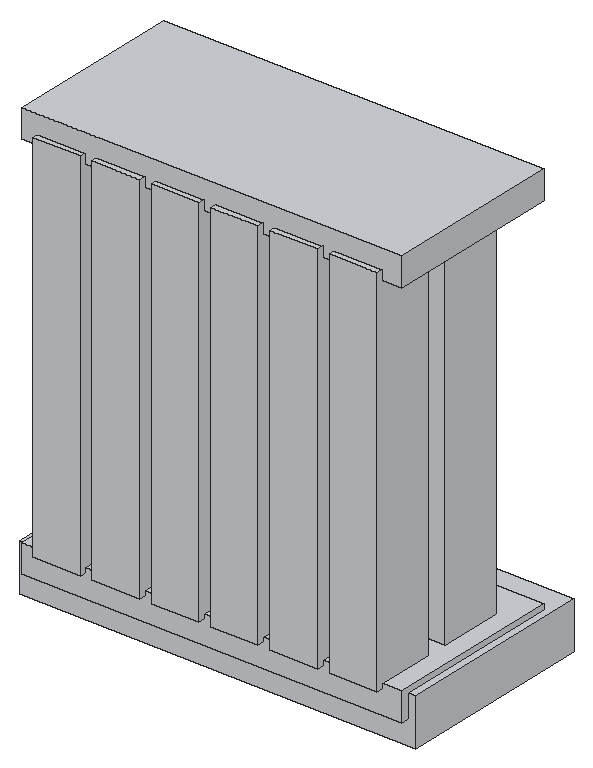
Revit family "GIS_BatteryRack", category Equipamento elétrico, Revit 2027
Family settings
  Configuração do painel = Duas colunas, circuitos transversais
  Cota do conector redondo = Utilizar diâmetro
  Tipo de parte = Painel de controle
  Com base no plano de trabalho = Não
  Sempre na vertical = Sim
  Corte com vazios quando carregada = Não
  Manter orientação da anotação = Não
  Compartilhado = Não
  Ponto de cálculo do ambiente = Não
Parameters (values of type "BATTERY_RACK_125VDC_STUDY")
  Default Elevation = 0 mm
  built-in parameter 1140142 [instance] = (empty or 0)
  built-in parameter 1140140 [instance] = 1 (stored number, unit not read)
  BIM_TensaoSecundaria_kV = 0
  BIM_TensaoNominal_kV = 0.125
  BIM_TensaoClasse_kV = 0.125
  BIM_TensaoClasseSecundaria_kV = 0
  BIM_Sistema_Elemento [instance] = ""
  BIM_ReferenciaCatalogo = "Portfolio study assumption: 125 V DC; battery mission and cell data pending"
  BIM_Profundidade = 800 mm
  BIM_Potencia_MVA = 0
  BIM_Localizacao [instance] = ""
  BIM_Largura = 1600 mm
  BIM_Impedancia_pu = 0
  BIM_FonteGeometria = "Portfolio study assumption: 125 V DC; battery mission and cell data pending"
  BIM_Fabricante = "NAO SELECIONADO"
  BIM_EstadoGeometria = "ESTIMATED"
  BIM_EstadoEspecificacao = "PREMISSA / NAO SELECIONADO"
  BIM_DescricaoEstudo = "Banco de baterias conceitual; 125 Vcc e premissa, Ah e autonomia nao selecionados."
  BIM_CorrenteReferenciaSecundaria_A = 0
  BIM_CorrenteNominal_A = 0
  BIM_Bay [instance] = ""
  BIM_AlturaCorpoPrincipal = 190 mm
  BIM_Altura = 1900 mm
  built-in parameter 1155100 [instance] = (empty or 0)
Reference planes
  plane 1 "Centro (Frente/Trás)": y = 0
  plane 2: z = 0
  plane 3 "Centro (Esquerda/Direita)": x = 0
  plane 4 "BIM Left": x = -800
  plane 5 "BIM Right": x = 800
  plane 6 "BIM Front": y = -400
  plane 7 "BIM Back": y = 400
Forms (mm)
  Extrusion 1, solid
    sketch origin (0, 0, 0) x (1, 0, 0) y (0, 1, 0)
      loop
        line (-800, -400) -> (800, -400) -> (800, 400) -> (-800, 400) -> (-800, -400)
    from 0 to 190 <- "BIM_AlturaCorpoPrincipal"
  Extrusion 2, solid
    sketch origin (0, 0, 190) x (1, 0, 0) y (0, 1, 0)
      loop
        line (-704, -454.864) -> (-512, -454.864) -> (-512, -198.864) -> (-704, -198.864) -> (-704, -454.864)
    from 0 to 1520
  Extrusion 3, solid
    sketch origin (0, 0, 190) x (1, 0, 0) y (0, 1, 0)
      loop
        line (-464, -454.864) -> (-272, -454.864) -> (-272, -198.864) -> (-464, -198.864) -> (-464, -454.864)
    from 0 to 1520
  Extrusion 4, solid
    sketch origin (0, 0, 190) x (1, 0, 0) y (0, 1, 0)
      loop
        line (-224, -454.864) -> (-32, -454.864) -> (-32, -198.864) -> (-224, -198.864) -> (-224, -454.864)
    from 0 to 1520
  Extrusion 5, solid
    sketch origin (0, 0, 190) x (1, 0, 0) y (0, 1, 0)
      loop
        line (16, -454.864) -> (208, -454.864) -> (208, -198.864) -> (16, -198.864) -> (16, -454.864)
    from 0 to 1520
  Extrusion 6, solid
    sketch origin (0, 0, 190) x (1, 0, 0) y (0, 1, 0)
      loop
        line (256, -454.864) -> (448, -454.864) -> (448, -198.864) -> (256, -198.864) -> (256, -454.864)
    from 0 to 1520
  Extrusion 7, solid
    sketch origin (0, 0, 190) x (1, 0, 0) y (0, 1, 0)
      loop
        line (496, -454.864) -> (688, -454.864) -> (688, -198.864) -> (496, -198.864) -> (496, -454.864)
    from 0 to 1520
  Extrusion 8, solid
    sketch origin (0, 0, 190) x (1, 0, 0) y (0, 1, 0)
      loop
        line (-704, -110.864) -> (-512, -110.864) -> (-512, 145.136) -> (-704, 145.136) -> (-704, -110.864)
    from 0 to 1520
  Extrusion 9, solid
    sketch origin (0, 0, 190) x (1, 0, 0) y (0, 1, 0)
      loop
        line (-464, -110.864) -> (-272, -110.864) -> (-272, 145.136) -> (-464, 145.136) -> (-464, -110.864)
    from 0 to 1520
  Extrusion 10, solid
    sketch origin (0, 0, 190) x (1, 0, 0) y (0, 1, 0)
      loop
        line (-224, -110.864) -> (-32, -110.864) -> (-32, 145.136) -> (-224, 145.136) -> (-224, -110.864)
    from 0 to 1520
  Extrusion 11, solid
    sketch origin (0, 0, 190) x (1, 0, 0) y (0, 1, 0)
      loop
        line (16, -110.864) -> (208, -110.864) -> (208, 145.136) -> (16, 145.136) -> (16, -110.864)
    from 0 to 1520
  Extrusion 12, solid
    sketch origin (0, 0, 190) x (1, 0, 0) y (0, 1, 0)
      loop
        line (256, -110.864) -> (448, -110.864) -> (448, 145.136) -> (256, 145.136) -> (256, -110.864)
    from 0 to 1520
  Extrusion 13, solid
    sketch origin (0, 0, 190) x (1, 0, 0) y (0, 1, 0)
      loop
        line (496, -110.864) -> (688, -110.864) -> (688, 145.136) -> (496, 145.136) -> (496, -110.864)
    from 0 to 1520
  Extrusion 14, solid
    sketch origin (0, 0, 95) x (1, 0, 0) y (0, 1, 0)
      loop
        line (-768, -430.48) -> (768, -430.48) -> (768, 289.52) -> (-768, 289.52) -> (-768, -430.48)
    from 0 to 114
  Extrusion 15, solid
    sketch origin (0, 0, 1672) x (1, 0, 0) y (0, 1, 0)
      loop
        line (-768, -430.48) -> (768, -430.48) -> (768, 289.52) -> (-768, 289.52) -> (-768, -430.48)
    from 0 to 114
Dimensions and locks
  "BIM_Largura": plane 4 "BIM Left" to plane 5 "BIM Right"
  "BIM_Profundidade": plane 6 "BIM Front" to plane 7 "BIM Back"
  aligned and locked: level to plane 2
  aligned and locked: plane 4 "BIM Left" to Extrusion 1
  aligned and locked: Extrusion 1 to plane 5 "BIM Right"
  aligned and locked: Extrusion 1 to plane 6 "BIM Front"
  aligned and locked: plane 7 "BIM Back" to Extrusion 1
Automatic sketch dimensions
  Extrusion 1 sketch curve to plane 4 "BIM Left" = 0 mm
  Extrusion 1 sketch curve to plane 5 "BIM Right" = 0 mm
  Extrusion 1 sketch curve to plane 6 "BIM Front" = 0 mm
  Extrusion 1 sketch curve to plane 7 "BIM Back" = 0 mm
  Extrusion 2 sketch curve to plane 4 "BIM Left" = 96 mm
  Extrusion 2 sketch curve to Extrusion 2 sketch curve = 192 mm
  Extrusion 2 sketch curve to plane 6 "BIM Front" = 54.864 mm
  plane 1 "Centro (Frente/Trás)" to Extrusion 2 sketch curve = 198.864 mm
  Extrusion 3 sketch curve to plane 6 "BIM Front" = 54.864 mm
  Extrusion 3 sketch curve to plane 4 "BIM Left" = 336 mm
  Extrusion 3 sketch curve to Extrusion 3 sketch curve = 192 mm
  plane 1 "Centro (Frente/Trás)" to Extrusion 3 sketch curve = 198.864 mm
  Extrusion 4 sketch curve to plane 6 "BIM Front" = 54.864 mm
  Extrusion 4 sketch curve to plane 3 "Centro (Esquerda/Direita)" = 224 mm
  Extrusion 4 sketch curve to plane 3 "Centro (Esquerda/Direita)" = 32 mm
  plane 1 "Centro (Frente/Trás)" to Extrusion 4 sketch curve = 198.864 mm
  plane 3 "Centro (Esquerda/Direita)" to Extrusion 5 sketch curve = 16 mm
  Extrusion 5 sketch curve to Extrusion 5 sketch curve = 192 mm
  Extrusion 5 sketch curve to plane 6 "BIM Front" = 54.864 mm
  plane 1 "Centro (Frente/Trás)" to Extrusion 5 sketch curve = 198.864 mm
  Extrusion 6 sketch curve to plane 6 "BIM Front" = 54.864 mm
  plane 3 "Centro (Esquerda/Direita)" to Extrusion 6 sketch curve = 256 mm
  Extrusion 6 sketch curve to Extrusion 6 sketch curve = 192 mm
  plane 1 "Centro (Frente/Trás)" to Extrusion 6 sketch curve = 198.864 mm
  Extrusion 7 sketch curve to plane 6 "BIM Front" = 54.864 mm
  plane 5 "BIM Right" to Extrusion 7 sketch curve = 304 mm
  plane 5 "BIM Right" to Extrusion 7 sketch curve = 112 mm
  plane 1 "Centro (Frente/Trás)" to Extrusion 7 sketch curve = 198.864 mm
  Extrusion 8 sketch curve to plane 4 "BIM Left" = 96 mm
  Extrusion 8 sketch curve to Extrusion 8 sketch curve = 192 mm
  plane 1 "Centro (Frente/Trás)" to Extrusion 8 sketch curve = 110.864 mm
  Extrusion 8 sketch curve to plane 1 "Centro (Frente/Trás)" = 145.136 mm
  plane 1 "Centro (Frente/Trás)" to Extrusion 9 sketch curve = 110.864 mm
  Extrusion 9 sketch curve to plane 4 "BIM Left" = 336 mm
  Extrusion 9 sketch curve to Extrusion 9 sketch curve = 192 mm
  Extrusion 9 sketch curve to plane 1 "Centro (Frente/Trás)" = 145.136 mm
  plane 1 "Centro (Frente/Trás)" to Extrusion 10 sketch curve = 110.864 mm
  Extrusion 10 sketch curve to plane 3 "Centro (Esquerda/Direita)" = 224 mm
  Extrusion 10 sketch curve to plane 3 "Centro (Esquerda/Direita)" = 32 mm
  Extrusion 10 sketch curve to plane 1 "Centro (Frente/Trás)" = 145.136 mm
  plane 3 "Centro (Esquerda/Direita)" to Extrusion 11 sketch curve = 16 mm
  Extrusion 11 sketch curve to Extrusion 11 sketch curve = 192 mm
  plane 1 "Centro (Frente/Trás)" to Extrusion 11 sketch curve = 110.864 mm
  Extrusion 11 sketch curve to plane 1 "Centro (Frente/Trás)" = 145.136 mm
  plane 1 "Centro (Frente/Trás)" to Extrusion 12 sketch curve = 110.864 mm
  plane 3 "Centro (Esquerda/Direita)" to Extrusion 12 sketch curve = 256 mm
  Extrusion 12 sketch curve to Extrusion 12 sketch curve = 192 mm
  Extrusion 12 sketch curve to plane 1 "Centro (Frente/Trás)" = 145.136 mm
  plane 1 "Centro (Frente/Trás)" to Extrusion 13 sketch curve = 110.864 mm
  plane 5 "BIM Right" to Extrusion 13 sketch curve = 304 mm
  plane 5 "BIM Right" to Extrusion 13 sketch curve = 112 mm
  Extrusion 13 sketch curve to plane 1 "Centro (Frente/Trás)" = 145.136 mm
  Extrusion 14 sketch curve to plane 4 "BIM Left" = 32 mm
  plane 5 "BIM Right" to Extrusion 14 sketch curve = 32 mm
  Extrusion 14 sketch curve to plane 6 "BIM Front" = 30.48 mm
  Extrusion 14 sketch curve to plane 7 "BIM Back" = 110.48 mm
  Extrusion 15 sketch curve to plane 4 "BIM Left" = 32 mm
  plane 5 "BIM Right" to Extrusion 15 sketch curve = 32 mm
  Extrusion 15 sketch curve to plane 6 "BIM Front" = 30.48 mm
  Extrusion 15 sketch curve to plane 7 "BIM Back" = 110.48 mm
